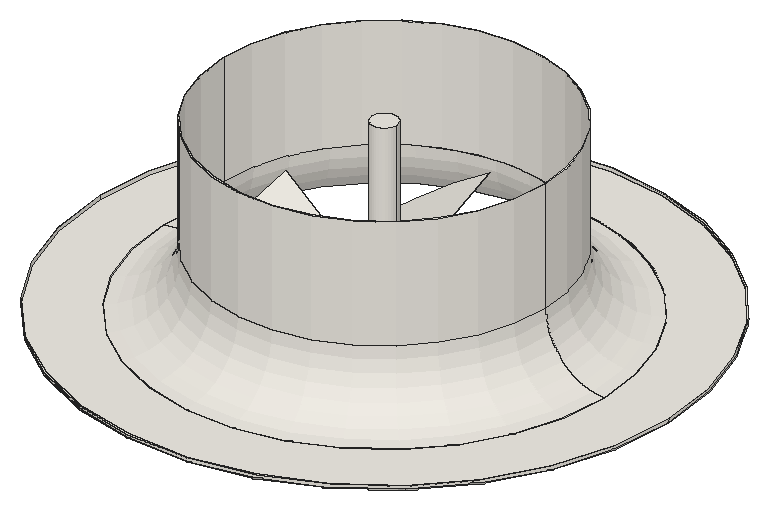
Revit family "LDI-V", category Air Terminals, Revit 2017
Family settings
  Round Connector Dimension = Use Diameter
  Part Type = Normal
  OmniClass Number = 23.40.40.14.21.11
  OmniClass Title = Food Service Hoods
  Work Plane-Based = No
  Always vertical = Yes
  Cut with Voids When Loaded = No
  Shared = No
  Room Calculation Point = No
Parameters (values of type "LDI-V/EI_DN 800")
  ∆p (Pa) = if(DN = 1, "31/61/119", if(DN = 2, "39/76/138", if(DN = 3, "37/71/143", if(DN = 4, "32/62/124", if(DN = 5, "27/53/104", "24/47/91")))))  # "24/47/91"
  Ymax (m) = if(DN = 1, "2.5/3.7/5.5", if(DN = 2, "3.5/5.2/7.3", if(DN = 3, "3.8/5.5/8.2", if(DN = 4, "3.9/5.7/8.4", if(DN = 5, "4.0/5.8/8.6", "4.2/6.1/8.9")))))  # "4.2/6.1/8.9"
  Vo (m3/h) = if(DN = 1, "410/580/810", if(DN = 2, "820/1150/1550", if(DN = 3, "1300/1800/2550", if(DN = 4, "1900/2650/3750", if(DN = 5, "2800/3900/5500", "4300/6000/8300")))))  # "4300/6000/8300"
  Visible_DN = no
  Visible = yes
  Mindestabstand (m) = if(DN = 1, "2.0/2.8/3.9", if(DN = 2, "2.9/4.1/5.5", if(DN = 3, "3.3/4.6/6.5", if(DN = 4, "3.6/5.0/7.1", if(DN = 5, "3.9/5.5/7.7", "4.4/6.1/8.4")))))  # "4.4/6.1/8.4"
  Min Flow = 0.0 L/s
  Maß Ø R1 mm = if(DN = 1, 480 mm, if(DN = 2, 580 mm, if(DN = 3, 750 mm, if(DN = 4, 925 mm, if(DN = 5, 1160 mm, 1420 mm)))))  # 1420 mm
  Maß Ø R mm = if(DN = 1, 330 mm, if(DN = 2, 415 mm, if(DN = 3, 535 mm, if(DN = 4, 660 mm, if(DN = 5, 830 mm, 1100 mm)))))  # 1100 mm
  Maß Ø D1 = if(DN = 1, 223 mm, if(DN = 2, 279 mm, if(DN = 3, 354 mm, if(DN = 4, 449 mm, 559 mm))))  # 559 mm
  Maß Ø A mm = if(DN = 1, 253 mm, if(DN = 2, 318 mm, if(DN = 3, 403 mm, if(DN = 4, 503 mm, if(DN = 5, 633 mm, 804 mm)))))  # 804 mm
  Maß K (nur LDI-V) mm = 8 mm  # constant formula
  Maß H mm = if(DN = 1, 140 mm, if(DN = 2, 175 mm, if(DN = 3, 215 mm, if(DN = 4, 280 mm, if(DN = 5, 355 mm, 425 mm)))))  # 425 mm
  Max Flow = 0.0 L/s
  Material [instance] = "Aluminium"  # constant formula
  Masse (kg) SM_EI/ EA_TA/TB = if(L = 1, "2.7", if(L = 2, "3.8", if(L = 3, "6.3", if(L = 4, "8.9", if(L = 5, "14.5", if(L = 6, "30.0", if(L = 7, "4.1", if(L = 8, "5.3", if(L = 9, "7.0", if(L = 10, "10.2", if(L = 11, "15.4", if(L = 12, "31.2", if(L = 13, "4.1", if(L = 14, "5.3", if(L = 15, "6.7", if(L = 16, "9.9", if(L = 17, "15.1", "30.2")))))))))))))))))  # "31.2"
  Lwa (dB(A)) = if(DN = 1, "40/50/60", if(DN = 2, "40/50/60", if(DN = 3, "40/50/60", if(DN = 4, "40/50/60", if(DN = 5, "40/50/60", "40/50/60")))))  # "40/50/60"
  Leaf_b = if(DN = 1, 120 mm, if(DN = 2, 150 mm, if(DN = 3, 190 mm, if(DN = 4, 239 mm, if(DN = 5, 300 mm, 381 mm)))))  # 381 mm
  L = 12
  Einbauhöhe (m) = if(DN = 1, "3.0/3.0/3.0", if(DN = 2, "4.5/4.5/4.5", if(DN = 3, "6.0/6.0/6.0", if(DN = 4, "8.0/8.0/8.0", if(DN = 5, "10.0/10.0/10.0", "12.0/12.0/12.0")))))  # "12.0/12.0/12.0"
  DN = 6
  Color [instance] = RAL 9010
  Bauhöhe L (nur EI/EA_nur TA/TB) mm = if(L = 1, 0 mm, if(L = 2, 0 mm, if(L = 3, 0 mm, if(L = 4, 0 mm, if(L = 5, 0 mm, if(L = 6, 0 mm, if(L = 7, 285 mm, if(L = 8, 295 mm, if(L = 9, 300 mm, if(L = 10, 325 mm, if(L = 11, 345 mm, if(L = 12, 425 mm, if(L = 13, 270 mm, if(L = 14, 280 mm, if(L = 15, 290 mm, if(L = 16, 290 mm, if(L = 17, 355 mm, 425 mm)))))))))))))))))  # 425 mm
Types (19, lengths in mm): name | ∆p (Pa) | Ymax (m) | Vo (m3/h) | Visible_DN | Visible | Mindestabstand (m) | Maß Ø R1 mm | Maß Ø R mm | Maß Ø D1 | Maß Ø A mm | Maß H mm | Masse (kg) SM_EI/ EA_TA/TB | Leaf_b | L | Einbauhöhe (m) | DN | Bauhöhe L (nur EI/EA_nur TA/TB) mm
  (no name) | "24/47/91" | "4.2/6.1/8.9" | "4300/6000/8300" | no | yes | "4.4/6.1/8.4" | 1420 | 1100 | 559 | 804 | 425 | "31.2" | 381 | 12 | "12.0/12.0/12.0" | 6 | 425
  LDI-V/SM_DN 250 | "31/61/119" | "2.5/3.7/5.5" | "410/580/810" | yes | no | "2.0/2.8/3.9" | 480 | 330 | 223 | 253 | 140 | "2.7" | 120 | 1 | "3.0/3.0/3.0" | 1 | 0
  LDI-V/SM_DN 315 | "39/76/138" | "3.5/5.2/7.3" | "820/1150/1550" | yes | no | "2.9/4.1/5.5" | 580 | 415 | 279 | 318 | 175 | "3.8" | 150 | 2 | "4.5/4.5/4.5" | 2 | 0
  LDI-V/SM_DN 400 | "37/71/143" | "3.8/5.5/8.2" | "1300/1800/2550" | yes | no | "3.3/4.6/6.5" | 750 | 535 | 354 | 403 | 215 | "6.3" | 190 | 3 | "6.0/6.0/6.0" | 3 | 0
  LDI-V/SM_DN 500 | "32/62/124" | "3.9/5.7/8.4" | "1900/2650/3750" | yes | no | "3.6/5.0/7.1" | 925 | 660 | 449 | 503 | 280 | "8.9" | 239 | 4 | "8.0/8.0/8.0" | 4 | 0
  LDI-V/SM_DN 630 | "27/53/104" | "4.0/5.8/8.6" | "2800/3900/5500" | yes | no | "3.9/5.5/7.7" | 1160 | 830 | 559 | 633 | 355 | "14.5" | 300 | 5 | "10.0/10.0/10.0" | 5 | 0
  LDI-V/SM_DN 800 | "24/47/91" | "4.2/6.1/8.9" | "4300/6000/8300" | no | no | "4.4/6.1/8.4" | 1420 | 1100 | 559 | 804 | 425 | "30.0" | 381 | 6 | "12.0/12.0/12.0" | 6 | 0
  LDI-V/EI_DN 250 | "31/61/119" | "2.5/3.7/5.5" | "410/580/810" | yes | yes | "2.0/2.8/3.9" | 480 | 330 | 223 | 253 | 140 | "4.1" | 120 | 7 | "3.0/3.0/3.0" | 1 | 285
  LDI-V/EI_DN 315 | "39/76/138" | "3.5/5.2/7.3" | "820/1150/1550" | yes | yes | "2.9/4.1/5.5" | 580 | 415 | 279 | 318 | 175 | "5.3" | 150 | 8 | "4.5/4.5/4.5" | 2 | 295
  LDI-V/EI_DN 400 | "37/71/143" | "3.8/5.5/8.2" | "1300/1800/2550" | yes | yes | "3.3/4.6/6.5" | 750 | 535 | 354 | 403 | 215 | "7.0" | 190 | 9 | "6.0/6.0/6.0" | 3 | 300
  LDI-V/EI_DN 500 | "32/62/124" | "3.9/5.7/8.4" | "1900/2650/3750" | yes | yes | "3.6/5.0/7.1" | 925 | 660 | 449 | 503 | 280 | "10.2" | 239 | 10 | "8.0/8.0/8.0" | 4 | 325
  LDI-V/EI_DN 630 | "27/53/104" | "4.0/5.8/8.6" | "2800/3900/5500" | yes | yes | "3.9/5.5/7.7" | 1160 | 830 | 559 | 633 | 355 | "15.4" | 300 | 11 | "10.0/10.0/10.0" | 5 | 345
  LDI-V/EI_DN 800 | "24/47/91" | "4.2/6.1/8.9" | "4300/6000/8300" | no | yes | "4.4/6.1/8.4" | 1420 | 1100 | 559 | 804 | 425 | "31.2" | 381 | 12 | "12.0/12.0/12.0" | 6 | 425
  LDI-V/TA_DN 250 | "31/61/119" | "2.5/3.7/5.5" | "410/580/810" | yes | yes | "2.0/2.8/3.9" | 480 | 330 | 223 | 253 | 140 | "4.1" | 120 | 13 | "3.0/3.0/3.0" | 1 | 270
  LDI-V/TA_DN 315 | "39/76/138" | "3.5/5.2/7.3" | "820/1150/1550" | yes | yes | "2.9/4.1/5.5" | 580 | 415 | 279 | 318 | 175 | "5.3" | 150 | 14 | "4.5/4.5/4.5" | 2 | 280
  LDI-V/TA_DN 400 | "37/71/143" | "3.8/5.5/8.2" | "1300/1800/2550" | yes | yes | "3.3/4.6/6.5" | 750 | 535 | 354 | 403 | 215 | "6.7" | 190 | 15 | "6.0/6.0/6.0" | 3 | 290
  LDI-V/TA_DN 500 | "32/62/124" | "3.9/5.7/8.4" | "1900/2650/3750" | yes | yes | "3.6/5.0/7.1" | 925 | 660 | 449 | 503 | 280 | "9.9" | 239 | 16 | "8.0/8.0/8.0" | 4 | 290
  LDI-V/TA_DN 630 | "27/53/104" | "4.0/5.8/8.6" | "2800/3900/5500" | yes | yes | "3.9/5.5/7.7" | 1160 | 830 | 559 | 633 | 355 | "15.1" | 300 | 17 | "10.0/10.0/10.0" | 5 | 355
  LDI-V/TA_DN 800 | "24/47/91" | "4.2/6.1/8.9" | "4300/6000/8300" | no | yes | "4.4/6.1/8.4" | 1420 | 1100 | 559 | 804 | 425 | "30.2" | 381 | 18 | "12.0/12.0/12.0" | 6 | 425
Reference planes
  plane 1 "Center (Front/Back)": y = 0
  plane 2: z = 0
  plane 3 "Center (Left/Right)": x = 0
  plane 4: z = 425
Forms (mm)
  Extrusion 1, solid, material "RAL 9010", visible <- "Visible"
    sketch origin (0, 0, 0) x (1, 0, 0) y (0, 1, 0)
      loop
        circle (0, 0) r 30
    from 80 to 425
  Extrusion 2, solid, material "RAL 9010", visible <- "Visible", detail levels coarse+medium
    sketch origin (0, 0, 0) x (1, 0, 0) y (0, 1, 0)
      loop
        circle (0, 0) r 35
    from 80 to 425
  Extrusion 3, solid, material "RAL 9010", detail levels coarse+medium
    sketch origin (0, 0, 0) x (1, 0, 0) y (0, 1, 0)
      loop
        circle (0, 0) r 402
    from 10 to 11
  Extrusion 4, solid, material "RAL 9010", detail levels coarse+medium
    sketch origin (0, 0, -190) x (1, 0, 0) y (0, 1, 0)
      loop
        circle (0, 0) r 35
    from 190 to 270
Dimensions and locks
  "Bauhöhe L (nur EI/EA_nur TA/TB) mm": plane 4 to level
  "Maß Ø A mm": diameter of Extrusion 3 sketch curve
  aligned and locked: plane 4 to Extrusion 1
  aligned and locked: plane 4 to Extrusion 2
  aligned and locked: Extrusion 1 to nested 2
  aligned and locked: Extrusion 4 to nested 2
Automatic sketch dimensions
  plane 1 "Center (Front/Back)" to Extrusion 1 sketch curve = 0 mm
  Extrusion 1 sketch curve to plane 3 "Center (Left/Right)" = 0 mm
  plane 1 "Center (Front/Back)" to Extrusion 2 sketch curve = 0 mm
  Extrusion 2 sketch curve to plane 3 "Center (Left/Right)" = 0 mm
  plane 1 "Center (Front/Back)" to Extrusion 4 sketch curve = 0 mm
  Extrusion 4 sketch curve to plane 3 "Center (Left/Right)" = 0 mm
  plane 1 "Center (Front/Back)" to Extrusion 3 sketch curve = 0 mm
  Extrusion 3 sketch curve to plane 3 "Center (Left/Right)" = 0 mm
  radius of Extrusion 1 sketch curve = 30 mm
  radius of Extrusion 2 sketch curve = 35 mm
  radius of Extrusion 4 sketch curve = 35 mm
Nested families
  nested 1: "LDI_No K" at (0, 0, 0), type "LDI_No K"
  nested 2: "Fan" at (0, 0, 0), type "Fan", detail levels fine
    with Maß Ø A mm 804 mm, Leaf_b 381 mm
  nested 3: "LDI_K" at (0, 0, 0), type "LDI_K"
    with Maß Ø R1 mm 1420 mm, Maß Ø R mm 1100 mm
Connectors
  hvac at (0, 0, 425), driven by "Maß Ø A mm"
    settings: on nested 1, index 1, duct flow 0.0 L/s, flow factor 0, pres drop 0.0 Pa, loss coef 0, conn angle 0.00°, conn width 304.8 mm, conn height 304.8 mm, conn diameter 804 mm, duct sys type 1, conn prof type 0, flow config 1, flow direction 1, loss method 0, conn ref index -1, conn util no, is conn primary yes, conn desc ""
Definition of nested family "LDI_No K"
  Parameters (values of type "LDI_No K")
    Maß Ø R mm = 1100 mm
    Maß Ø A mm = 804 mm
    Maß H mm = 425 mm
  Reference planes
    plane 1 "Center (Front/Back)": y = 0
    plane 2: z = 0
    plane 3 "Center (Left/Right)": x = 0
  Forms (mm)
    Sweep 1, solid
      path origin (0, 0, 0) x (1, 0, 0) y (0, 1, 0)
        loop
          circle (0, 0) r 550
      profile "P_No K : P_No K" origin (0, 550, 0) x (0, -1, 0) y (0, 0, 1)
        loop
          line (148, 425) -> (148, 148)
          arc (148, 148) -> (104.652, 43.348) -> (0, 0) r 148
          line (0, 0) -> (0, -1)
          arc (0, -1) -> (105.359, 42.641) -> (149, 148) r 149
          line (149, 148) -> (149, 425) -> (148, 425)
  Dimensions and locks
    "Maß Ø R mm": diameter of Sweep 1 sketch curve
    aligned and locked: level to plane 2
  Automatic sketch dimensions
    plane 1 "Center (Front/Back)" to Sweep 1 sketch curve = 0 mm
    Sweep 1 sketch curve to plane 3 "Center (Left/Right)" = 0 mm
Definition of nested family "Fan"
  Parameters (values of type "Fan")
    Maß Ø A mm = 253 mm
    Leaf_b = 120 mm
  Reference planes
    plane 1 "Center (Front/Back)": y = 0
    plane 2: z = 0
    plane 3 "Center (Left/Right)": x = 0
  Forms (mm)
    Extrusion 1, solid
      sketch origin (0, 0, 0) x (1, 0, 0) y (0, 1, 0)
        loop
          circle (0, 0) r 35
      from 0 to 80
    Sweep 2, void
      path in 3D
        loop
          arc (35, 0, 0) -> (0, 35, 0) -> (-35, 0, 0) r 35
          arc (-35, 0, 0) -> (0, -35, 0) -> (35, 0, 0) r 35
      profile origin (0, -35, 0) x (0, -1, 0) y (0, 0, -1)
        loop
          line (0, 0) -> (-25, 0)
          arc (-25, 0) -> (-8.992, -5.615) -> (0, -20) r 25.625
          line (0, -20) -> (0, 0)
  Cuts and joins
    Sweep 2 cuts Extrusion 1
  Lines and regions (mm)
    sketch lines
      curve 1: arc (-35, 0, 0) -> (0, -35, 0) -> (35, 0, 0) r 35
      curve 2: arc (35, 0, 0) -> (0, 35, 0) -> (-35, 0, 0) r 35
  Dimensions and locks
    aligned and locked: level to plane 2
  Nested families
    nested 1: "Leaf" at (0, 0, 30), type "Leaf"
    nested 2: "Leaf" at (0, 0, 30) x (0.5, 0.866, 0) z (0, 0, 1), type "Leaf"
    nested 3: "Leaf" at (0, 0, 30) x (-0.5, 0.866, 0) z (0, 0, 1), type "Leaf"
    nested 4: "Leaf" at (0, 0, 30) x (-1, 0, 0) z (0, 0, 1), type "Leaf"
    nested 5: "Leaf" at (0, 0, 30) x (-0.5, -0.866, 0) z (0, 0, 1), type "Leaf"
    nested 6: "Leaf" at (0, 0, 30) x (0.5, -0.866, 0) z (0, 0, 1), type "Leaf"
  Definition of nested family "Leaf"
    Parameters (values of type "Leaf")
      RA2 = Maß Ø A mm - 10 mm  # 243 mm
      RA1 = 30 mm
      RA = Maß Ø A mm / 2  # 126.5 mm
      Maß Ø A mm = 253 mm
      Leaf_b = 120 mm
    Reference planes
      plane 1 "Center (Front/Back)": y = 0
      plane 2: z = 0
      plane 3 "Center (Left/Right)": x = 0
      plane 4: x = 30
      plane 5: x = 121.5
      plane 6: x = 126.5
    Forms (mm)
      SweptBlend 1, solid
        path origin (0, 0, 0) x (1, 0, 0) y (0, 1, 0)
          loop
            line (30, 0) -> (121.5, 0)
        profile "P_leaf_a : P_leaf_a" origin (30, 0, 0) x (0, 1, 0) y (0, 0, 1)
          loop
            line (12.99, -7.5) -> (13.49, -6.634) -> (-12.49, 8.366) -> (-12.99, 7.5) -> (12.99, -7.5)
        end profile "P_leaf_b : P_leaf_b" origin (121.5, 0, 0) x (0, 1, 0) y (0, 0, 1)
          loop
            line (51.962, -30) -> (52.462, -29.134) -> (-51.462, 30.866) -> (-51.962, 30) -> (51.962, -30)
      Extrusion 2, void
        sketch origin (0, 0, 0) x (1, 0, 0) y (0, 1, 0)
          loop
            circle (0, 0) r 121.5
          loop
            circle (0, 0) r 447
        from -122.755 to 138.973
    Cuts and joins
      Extrusion 2 cuts SweptBlend 1
    Dimensions and locks
      "RA1": plane 3 "Center (Left/Right)" to plane 4
      "RA": plane 3 "Center (Left/Right)" to plane 6
      locked: plane 5 to plane 6 at 5
      "RA2": diameter of Extrusion 2 sketch curve
      aligned and locked: level to plane 2
      aligned and locked: plane 1 "Center (Front/Back)" to SweptBlend 1 sketch curve
    Automatic sketch dimensions
      SweptBlend 1 sketch curve to plane 4 = 0 mm
      SweptBlend 1 sketch curve to plane 5 = 0 mm
      Extrusion 2 sketch curve to Extrusion 2 sketch curve = 0 mm  (x2)
      plane 1 "Center (Front/Back)" to Extrusion 2 sketch curve = 0 mm
      Extrusion 2 sketch curve to plane 3 "Center (Left/Right)" = 0 mm
      radius of Extrusion 2 sketch curve = 447 mm
Definition of nested family "LDI_K"
  Parameters (values of type "LDI_K")
    Maß Ø R1 mm = 480 mm
    Maß Ø R mm = 330 mm
    Maß K (nur LDI-V) mm = 8 mm
  Reference planes
    plane 1 "Center (Front/Back)": y = 0
    plane 2: z = 0
    plane 3 "Center (Left/Right)": x = 0
  Forms (mm)
    Sweep 1, solid
      path origin (0, 0, 0) x (1, 0, 0) y (0, 1, 0)
        loop
          circle (0, 0) r 165
      profile "P_K : P_K" origin (0, 165, 0) x (0, -1, 0) y (0, 0, 1)
        loop
          line (0, -1) -> (0, 0) -> (-74, 0) -> (-74, 8) -> (-75, 8) -> (-75, 0)
          arc (-75, 0) -> (-74.707, -0.707) -> (-74, -1) r 1
          line (-74, -1) -> (0, -1)
  Dimensions and locks
    "Maß Ø R mm": diameter of Sweep 1 sketch curve
    aligned and locked: level to plane 2
  Automatic sketch dimensions
    plane 1 "Center (Front/Back)" to Sweep 1 sketch curve = 0 mm
    Sweep 1 sketch curve to plane 3 "Center (Left/Right)" = 0 mm
